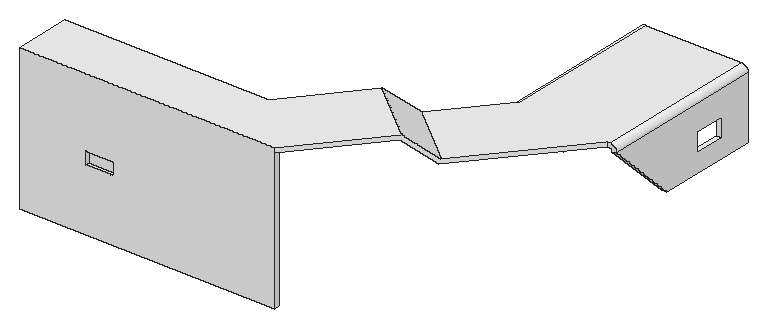
Revit family "THクリップ4030", category 機械設備, Revit 2020
Family settings
  丸型コネクタ寸法 = 直径を使用
  種別 = なし
  パーツ タイプ = 標準
  作業面ベース = いいえ
  常に垂直 = はい
  ロード時にボイドで切り取り = いいえ
  共有 = いいえ
  部屋計算ポイント = いいえ
Parameters
  製造元 = "株式会社桐井製作所"
  既定の高さ = 0 mm
  URL = "https://www.kirii.co.jp/"
  K_材質 = "溶融亜鉛めっき鋼板及び鋼帯 SGCC 一般用"
  K_品名 = "THクリップ4030"
  K_名称 = "クリップ"
  K_入数 = "500"
  K_バージョン情報 = "20220915"
  K_めっき付着量 = "Z12"
  K_JIS規格 = "JIS G 3302"
Reference planes
  plane 1 "中心(正面/背面)": y = 0
  plane 2: z = 0
  plane 3 "中心(左/右)": x = 0
Forms (mm)
  Extrusion 1, solid
    sketch origin (0, 0, 0) x (0, 1, 0) y (0, 0, 1)
      loop
        line (-4.429, -22.4) -> (-3.629, -22.4) -> (-3.629, -0.2) -> (3.771, -0.2) -> (3.771, -22.4) -> (4.571, -22.4) -> (4.571, 0.6) -> (-4.429, 0.6) -> (-4.429, -22.4)
    from -20.25 to 20.25
  Extrusion 2, solid
    sketch origin (2.237, 5.56, 0) x (0.636881, 0.770962, 0) y (0, 0, 1)
      loop
        line (3.771, -0.2) -> (19.649, -0.2) -> (24.649, -4.2) -> (47.016, -4.2) -> (47.016, -3.4) -> (24.929, -3.4) -> (19.929, 0.6) -> (3.771, 0.6) -> (3.771, -0.2)
    from 8.25 to 20.25
  Extrusion 3, solid
    sketch origin (-3.445, 33.869, 0) x (1, 0, 0) y (0, 0, 1)
      loop
        line (34.995, -4.4) -> (34.995, -14.4) -> (35.795, -14.4) -> (35.795, -4.2) -> (51.395, -4.2) -> (51.395, -14.4) -> (52.195, -14.4) -> (52.195, -4.4)
        arc (52.195, -4.4) -> (51.902, -3.693) -> (51.195, -3.4) r 1
        line (51.195, -3.4) -> (35.995, -3.4)
        arc (35.995, -3.4) -> (35.288, -3.693) -> (34.995, -4.4) r 1
    from -20.25 to 5.778
  Extrusion 4, void
    sketch origin (0, 0, 0) x (0, 1, 0) y (0, 0, 1)
      loop
        line (48.929, -8.4) -> (43.929, -8.4) -> (43.929, -11.4) -> (48.929, -11.4) -> (48.929, -8.4)
    from 47.95 to 48.75
  Extrusion 5, void
    sketch origin (-16.6, 0, 0) x (0, 1, 0) y (0, 0, 1)
      loop
        line (48.929, -8.4) -> (43.929, -8.4) -> (43.929, -11.4) -> (48.929, -11.4) -> (48.929, -8.4)
    from 48.15 to 48.95
  Extrusion 6, void
    sketch origin (0, 0, 0) x (1, 0, 0) y (0, 0, 1)
      loop
        line (-9.75, -10.4) -> (-9.75, -12.4) -> (-5.25, -12.4) -> (-5.25, -10.4) -> (-9.75, -10.4)
    from -4.571 to -3.971
  Extrusion 7, void
    sketch origin (0, -8.4, 0) x (1, 0, 0) y (0, 0, 1)
      loop
        line (-9.75, -10.4) -> (-9.75, -12.4) -> (-5.25, -12.4) -> (-5.25, -10.4) -> (-9.75, -10.4)
    from -4.571 to -3.971
  Extrusion 8, void
    sketch origin (0, 0, 0) x (1, 0, 0) y (0, 0, 1)
      loop
        line (20.25, -0.2) -> (10.25, -0.2) -> (10.25, -22.4) -> (20.25, -22.4) -> (20.25, -0.2)
    from -4.571 to -3.771
  Extrusion 9, void
    sketch origin (0, 0, -0.767) x (0, 1, 0) y (0, 0, 1)
      loop
        line (28.091, -3.742) -> (28.091, -13.633) -> (37.982, -13.633) -> (28.091, -3.742)
    from 31.55 to 32.35
  Extrusion 10, void
    sketch origin (16.4, 0, -0.767) x (0, 1, 0) y (0, 0, 1)
      loop
        line (28.091, -3.742) -> (28.091, -13.633) -> (37.982, -13.633) -> (28.091, -3.742)
    from 31.55 to 32.35
Cuts and joins
  Extrusion 6, Extrusion 7, Extrusion 8, Extrusion 10 cuts Extrusion 1
  Extrusion 6, Extrusion 7, Extrusion 8, Extrusion 10 cuts Extrusion 2
  Extrusion 4, Extrusion 5, Extrusion 6, Extrusion 7, Extrusion 8, Extrusion 9, Extrusion 10 cuts Extrusion 3
  joined: Extrusion 1, Extrusion 2, Extrusion 3
Dimensions and locks
  aligned and locked: level to plane 2
